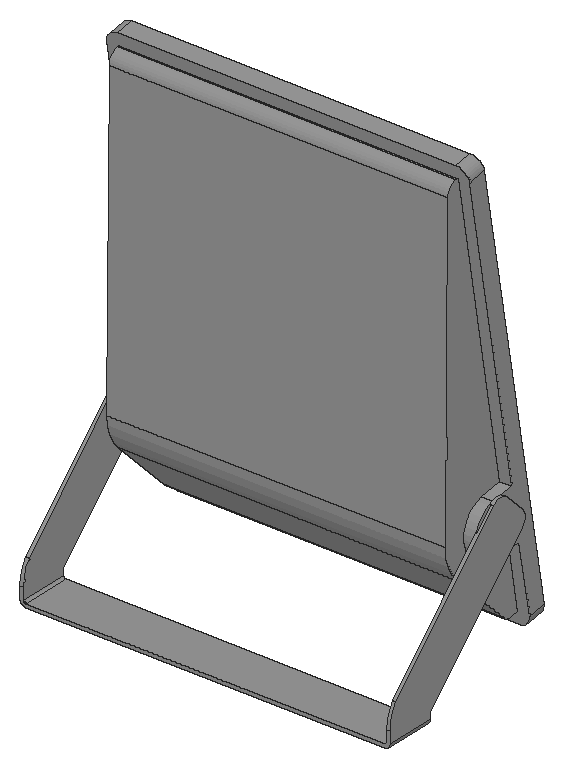
Revit family "SFIP66_150W", category Lighting Fixtures, host Face, Revit 2017
Family settings
  Host = Face
  Round Connector Dimension = Use Diameter
  Part Type = Normal
  OmniClass Number = 23.80.70.00
  OmniClass Title = Lighting
  Cut with Voids When Loaded = No
  Light Source = No
  Shared = No
  Room Calculation Point = No
Parameters (values of type "0048539 START FLOOD IP66 20KLM 840 ASYM")
  WingRadius_SYL = 10 mm
  WingLength_SYL = if([50W_SYL], 100 mm, if([100W_SYL], 142 mm, if([150W_SYL], 142 mm, if([200W_SYL], 150 mm, 170 mm))))  # 142 mm
  WidthBracket_SYL = 40 mm
  Weight = "4.6 kg"
  Wattage Comments = ""
  WarrantyStartDate [instance] = "n/a"
  WarrantyGuarantorParts = "n/a"
  WarrantyDurationUnit = "n/a"
  WarrantyDurationParts = "n/a"
  WarrantyDescription = "n/a"
  Voltage = 0 V
  URL = "http://www.sylvania-lighting.com"
  TypeName = "Start Flood IP66 20KLM 840 ASYM"
  TypeHead_SYL = START Flood IP66 150W luminaire : 0048539
  Type Image = <None>
  Type Comments = "n/a"
  ThicknessBracket_SYL = 3 mm
  SerialNumber [instance] = "n/a"
  RotationAngle_SYL [instance] = -100.00°
  RadiusOutBracket_SYL = 5 mm
  RadiusInBracket_SYL = 2 mm
  Material_3_SYL = none
  PowerFactor = 0.99
  PowerConsumption = "150 W"
  NominalLength = 451 mm
  NominalHeight = 77 mm
  NominalDepth = 330 mm
  Name = "Start Flood IP66 20KLM 840 ASYM"
  ModelReference = Name  # "Start Flood IP66 20KLM 840 ASYM"
  ModelNumber = "0048539"
  Model = Name  # "Start Flood IP66 20KLM 840 ASYM"
  Material = "n/a"
  ManufacturerName = "Feilo Sylvania"
  Manufacturer = "Feilo Sylvania"
  LuminousEfficacy = "134 lm/W"
  LuminaireType = ""
  LightOutputRatio = "n/a"
  LengthIn_SYL = if([50W_SYL], 210 mm, if([100W_SYL], 300 mm, if([150W_SYL], 295 mm, if([200W_SYL], 360 mm, 430 mm))))  # 295 mm
  LampsType = Lamp  # "LED"
  LampNominalLuminous = "20100 lm"
  LampMacAdamStep = "4"
  LampColourTemperature = "4000 K"
  LampColourRenderingIndex = "70"
  Lamp = "LED"
  Keynote = "16500"
  InstallationDate [instance] = "n/a"
  InputVoltage = "n/a"
  InputNominalFrequency = "n/a"
  IngressProtection = "IP66"
  ImpactProtectionIndex = "IK08"
  IfcExportType = "IfcLightFixtureType"
  IfcExportAs = "IfcLightFixtureType"
  EndAngle_SYL [instance] = RotationAngle_SYL + 180.00°  # 80.00°
  ElectricShockClassification = "Class I"
  DocumentationLiterature = "http://www.sylvania-lighting.com/product/en-int/products/0048539"
  DimmingControlOptions = "n/a"
  Material_2_SYL = none
  Description = "Exterior LED Floodlight, comes complete with 1500mm flying lead and adjustable bracket, aluminium housing, clear glass diffuser, IP66, IK08, Class I, 4000K, Non-dimming, 20100lm, 150W, 134lm/W, CRI80, Asymmetrical Wide beam angle (65° x 120° imax@55°), 60000 hrs L70B50 lifetime, 451 x 330 x 77mm (LxWxD) dimensions, 4.6kg weight."
  Default Elevation = 1219.2 mm
  CreatedOn = "9/23/2020"
  CreatedBy = "@sylvania-lighting.com"
  Cost = 0
  built-in parameter 1114216 [instance] = (empty or 0)
  ClassificationValue = "EF_70_80"
  ClassificationName = "Uniclass2015"
  Material_1_SYL = Steel, Paint Finish, Dark Gray, Matte
  BarCode [instance] = "n/a"
  AxisOffsetWingEnd_SYL = WidthBracket_SYL / 2  # 20 mm
  AxisHeight_SYL = sin(45.00°) * WingLength_SYL  # 100.409 mm
  AxisDepth_SYL = cos(45.00°) * (WingLength_SYL - tan(45.00°) * AxisOffsetWingEnd_SYL - AxisOffsetWingEnd_SYL)  # 72.125 mm
  AssetType = "Fixed"
  AssetIdentifier [instance] = "n/a"
  Assembly Code = "D5020200"
  Apparent Load = 150 VA
  Material_4_SYL = none
  50W_SYL = no
  200W_SYL = no
  150W_SYL = yes
  100W_SYL = no
Reference planes
  plane 1 "Center (Front/Back)": y = 0
  plane 2: z = 0
  plane 3 "Center (Left/Right)": x = 0
  plane 4: x = 150.5
  plane 5: x = -150.5
  plane 6: x = 147.5
  plane 7: x = -147.5
  plane 8: z = 10
  plane 9: y = 20
  plane 10: y = -20
  plane 11: z = 3
  plane 12: z = 110.409
  plane 13: y = 92.125
Forms (mm)
  Extrusion 1, solid, material "Steel, Paint Finish, Dark Gray, Matte" <- "Material_1_SYL"
    sketch origin (0, 0, 0) x (1, 0, 0) y (0, 0, 1)
      loop
        arc (145.5, 0) -> (149.036, 1.464) -> (150.5, 5) r 5
        line (150.5, 5) -> (150.5, 10) -> (147.5, 10) -> (147.5, 5)
        arc (147.5, 5) -> (146.914, 3.586) -> (145.5, 3) r 2
        line (145.5, 3) -> (-145.5, 3)
        arc (-145.5, 3) -> (-146.914, 3.586) -> (-147.5, 5) r 2
        line (-147.5, 5) -> (-147.5, 10) -> (-150.5, 10) -> (-150.5, 5)
        arc (-150.5, 5) -> (-149.036, 1.464) -> (-145.5, 0) r 5
        line (-145.5, 0) -> (145.5, 0)
    from -20 to 20
  Extrusion 2, solid, material "Steel, Paint Finish, Dark Gray, Matte" <- "Material_1_SYL"
    sketch origin (147.5, -4572, 2609.058) x (0, 0, 1) y (0, -1, 0)
      loop
        line (-2599.058, -4592) -> (-2505.72, -4685.338)
        arc (-2505.72, -4685.338) -> (-2498.649, -4688.267) -> (-2491.578, -4685.338) r 10
        line (-2491.578, -4685.338) -> (-2477.436, -4671.196)
        arc (-2477.436, -4671.196) -> (-2474.507, -4664.125) -> (-2477.436, -4657.054) r 10
        line (-2477.436, -4657.054) -> (-2576.632, -4557.858)
        arc (-2576.632, -4557.858) -> (-2585.316, -4553.5) -> (-2594.916, -4552) r 31.464
        line (-2594.916, -4552) -> (-2599.058, -4552) -> (-2599.058, -4592)
    from 0 to 3
  Extrusion 3, solid, material "Steel, Paint Finish, Dark Gray, Matte" <- "Material_1_SYL"
    sketch origin (-150.5, -4572, 2609.058) x (0, 0, 1) y (0, -1, 0)
      loop
        arc (-2505.72, -4685.338) -> (-2498.649, -4688.267) -> (-2491.578, -4685.338) r 10
        line (-2491.578, -4685.338) -> (-2477.436, -4671.196)
        arc (-2477.436, -4671.196) -> (-2474.507, -4664.125) -> (-2477.436, -4657.054) r 10
        line (-2477.436, -4657.054) -> (-2576.632, -4557.858)
        arc (-2576.632, -4557.858) -> (-2585.316, -4553.5) -> (-2594.916, -4552) r 31.464
        line (-2594.916, -4552) -> (-2604.058, -4552) -> (-2604.058, -4592) -> (-2599.058, -4592) -> (-2505.72, -4685.338)
    from 0 to 3
  Revolve 4, solid, not visible
    sketch origin (1223.4, -4572, 110.409) x (0, -1, 0) y (1, 0, 0)
      loop
        line (-4664.125, -1223.4) -> (-4679.125, -1223.4) -> (-4679.125, -1273.4) -> (-4664.125, -1273.4) -> (-4664.125, -1223.4)
      axis (-4664.125, -1223.4) -> (-4664.125, -1273.4)
    angle from -100 <- "RotationAngle_SYL" to 80 <- "EndAngle_SYL"
Cuts and joins
  joined: Extrusion 1, Extrusion 2, Extrusion 3
Lines and regions (mm)
  reference lines
    curve 1: line (0, 20, 10) -> (0, 172.028, 162.028)
    curve 2: line (0, 133.744, 180.312) -> (0, -20, 26.569)
    curve 3: line (0, 92.125, 138.693) -> (0, 120.409, 110.409)
    curve 4: line (-150.5, 4.393, 22.678) -> (-150.5, 170.135, 188.419)
    curve 5: line (0, 77.983, 124.551) -> (0, 106.267, 96.267)
Dimensions and locks
  locked: plane 8 to plane 2 at 10
  equal spacing: plane 10, plane 1 "Center (Front/Back)", plane 9
  "WidthBracket_SYL": plane 10 to plane 9
  "WidthBracket_SYL": curve 1 to curve 2
  "ThicknessBracket_SYL": plane 11 to plane 2
  "WingLength_SYL": curve 1 to curve 3
  level to Extrusion 1 = 10 mm
  equal spacing: plane 6, plane 3 "Center (Left/Right)", plane 7
  "LengthIn_SYL": plane 6 to plane 7
  equal spacing: plane 4, plane 3 "Center (Left/Right)", plane 5
  "ThicknessBracket_SYL": plane 7 to plane 5
  equal spacing: curve 1, curve 4, curve 2
  "AxisOffsetWingEnd_SYL": curve 3 to curve 5
  "AxisHeight_SYL": plane 12 to plane 8
  "AxisDepth_SYL": plane 9 to plane 13
  "RadiusInBracket_SYL": radius of Extrusion 1 sketch curve  (x2)
  "RadiusOutBracket_SYL": radius of Extrusion 1 sketch curve  (x2)
  "WingRadius_SYL": radius of Extrusion 2 sketch curve  (x2)
  locked: plane 8 to curve 1 (angle 45.00°)
  locked: plane 8 to curve 2 (angle 45.00°)
  aligned and locked: plane 2 to host face
  aligned and locked: level to host face
  aligned and locked: plane 9 to curve 1
  aligned and locked: plane 8 to curve 1
  aligned and locked: plane 10 to curve 2
  aligned and locked: plane 5 to Extrusion 1 sketch curve
  aligned and locked: plane 8 to Extrusion 1 sketch curve  (x2)
  aligned and locked: Extrusion 1 sketch curve to plane 7
  aligned and locked: plane 11 to Extrusion 1 sketch curve
  aligned and locked: plane 6 to Extrusion 1 sketch curve
  aligned and locked: Extrusion 1 sketch curve to plane 4
  aligned and locked: Extrusion 1 to plane 9
  aligned and locked: plane 10 to Extrusion 1
  aligned and locked: Extrusion 2 sketch curve to curve 1
  aligned and locked: curve 2 to Extrusion 2 sketch curve
  aligned and locked: plane 10 to Extrusion 2 sketch curve
  aligned and locked: Extrusion 2 sketch curve to Extrusion 1
  aligned and locked: plane 4 to Extrusion 2
  aligned and locked: Extrusion 2 to plane 6
  aligned and locked: plane 7 to Extrusion 3
  aligned and locked: Extrusion 3 to plane 5
  aligned and locked: cut or joined group of Extrusion 1, Extrusion 2, Extrusion 3 to curve 5  (x2)
  aligned and locked: Revolve 4 sketch curve to plane 13  (x2)
  aligned and locked: Revolve 4 sketch curve to curve 3
  aligned and locked: curve 2 to plane 3 "Center (Left/Right)"
  aligned and locked: Extrusion 3 sketch curve to cut or joined group of Extrusion 1, Extrusion 2, Extrusion 3  (x5)
  aligned and locked: cut or joined group of Extrusion 1, Extrusion 2, Extrusion 3 to Extrusion 3 sketch curve
  aligned and locked: nested 1 to plane 3 "Center (Left/Right)"
Automatic sketch dimensions
  host sketch curve to host sketch curve = 2438.4 mm  (x2)
  curve 4 to plane 1 "Center (Front/Back)" = 4.393 mm
  curve 4 to plane 9 = 150.135 mm
  Revolve 4 sketch curve to Revolve 4 sketch curve = 15 mm
  Revolve 4 sketch curve to plane 3 "Center (Left/Right)" = 50 mm
  Revolve 4 sketch curve to plane 5 = 1316.635 mm
  plane 4 to Revolve 4 sketch curve = 1441.773 mm
  Extrusion 3 sketch curve to plane 10 = 5.858 mm
  plane 12 to Extrusion 3 sketch curve = 7.071 mm
  Extrusion 3 sketch curve to plane 12 = 7.071 mm
  Extrusion 3 sketch curve to Extrusion 3 sketch curve = 7.071 mm
  plane 13 to Extrusion 3 sketch curve = 7.071 mm
  Extrusion 1 sketch curve to Extrusion 1 sketch curve = 0 mm  (x2)
  plane 12 to Extrusion 2 sketch curve = 0 mm
  Extrusion 2 sketch curve to plane 13 = 0 mm
  Extrusion 2 sketch curve to Extrusion 2 sketch curve = 4.142 mm
  Extrusion 2 sketch curve to plane 10 = 5.858 mm
  plane 12 to Extrusion 2 sketch curve = 7.071 mm
  Extrusion 2 sketch curve to plane 12 = 7.071 mm
  plane 13 to Extrusion 2 sketch curve = 7.071 mm
  Extrusion 2 sketch curve to plane 13 = 7.071 mm
Nested families
  nested 1: "START Flood IP66 150W luminaire" at (0, 92.125, 110.409) x (-1, 0, 0) z (0, 0.9848, 0.1736), type <- "TypeHead_SYL", type "0048539"
    with built-in parameter 1114216 (empty or 0), Apparent Load 150 VA
Connectors
  electrical at (4.2, 0, 0), driven by "Voltage", driven by "Apparent Load", driven by "PowerFactor"
    settings: on host face, index 1, voltage 0 V, apparent load 150 VA, apparent load phase1 0 VA, apparent load phase2 0 VA, apparent load phase3 0 VA, power factor 0.99, load classification "Other", number of poles 1, system type 30, power factor state 1, is connector primary yes, connector utility no, sub classification motor no, connector description ""
Definition of nested family "START Flood IP66 150W luminaire"
  Parameters (values of type "0048211 Start Flood IP66 21000lm 740 ASYM")
    WidthHead_SYL = if([50W_SYL], 210 mm, if([100W_SYL], 300 mm, if([150W_SYL], 295 mm, if([200W_SYL], 360 mm, 430 mm))))  # 295 mm
    Wattage Comments = "n/a"
    Wattage = 149 W
    built-in parameter 1150110 = 1 (stored number, unit not read)
    URL = "http://www.sylvania-lighting.com"
    Type Image = (empty or 0)
    Type Comments = "n/a"
    built-in parameter 1114217 = 1 (stored number, unit not read)
    Tilt Angle = -90.00°
    built-in parameter 1150109 = 1 (stored number, unit not read)
    built-in parameter 1150134 = 12
    built-in parameter 1150113 = 1 (stored number, unit not read)
    ScreenThickness_SYL = 14.5 mm  # constant formula
    ReflectorOffset_SYL = 12 mm  # constant formula
    ReflectorOffsetIn_SYL = RadiusReflectorFront_SYL  # 30 mm
    ReflectorHeight_SYL = if([50W_SYL], 145 mm, if([100W_SYL], 165 mm, if([150W_SYL], 210 mm, if([200W_SYL], 240 mm, 290 mm))))  # 210 mm
    RadiusReflectorIn_SYL = 5 mm  # constant formula
    RadiusReflectorFront_SYL = if([50W_SYL], 30 mm, if([100W_SYL], 30 mm, if([150W_SYL], 30 mm, if([200W_SYL], 30 mm, 35 mm))))  # 30 mm
    RadiusHinge_SYL = RadiusBack_SYL / 1.8  # 22.222 mm
    RadiusBack_SYL = if([50W_SYL], 31.3 mm, if([100W_SYL], 40 mm, if([150W_SYL], 40 mm, if([200W_SYL], 50 mm, 55 mm))))  # 40 mm
    Photometric Web File = "0048211.ies"
    OffsetBack_SYL = 10 mm  # constant formula
    Material_5_SYL = none
    Material_3_SYL = none
    Model = "Start Flood IP66 21000lm 740 ASYM"
    Manufacturer = "Feilo Sylvania"
    built-in parameter 1150105 = 11135.6 (stored number, unit not read)
    Lumens = 20562 lm
    built-in parameter 1150115 = 1 (stored number, unit not read)
    built-in parameter 1150137 = (empty or 0)
    built-in parameter 1150139 = (empty or 0)
    built-in parameter 1150112 = 1 (stored number, unit not read)
    built-in parameter 1150114 = 1 (stored number, unit not read)
    Lamp = "LED"
    Keynote = "16500"
    Material_2_SYL = none
    built-in parameter 1150132 = (empty or 0)
    built-in parameter 1150102 = (empty or 0)
    built-in parameter 1150107 = 4000 (stored number, unit not read)
    built-in parameter 1150138 = (empty or 0)
    built-in parameter 1150106 = 111.36 (stored number, unit not read)
    HeightHead_SYL = if([50W_SYL], 250 mm, if([100W_SYL], 320 mm, if([150W_SYL], 367 mm, if([200W_SYL], 400 mm, 470 mm))))  # 367 mm
    Emit from Rectangle Width = WidthHead_SYL - 4 mm - ReflectorOffset_SYL * 2 - ReflectorOffsetIn_SYL * 2  # 207 mm
    Emit from Rectangle Length = ReflectorHeight_SYL - ReflectorOffsetIn_SYL * 2  # 150 mm
    Emit Shape Visible in Rendering = no
    built-in parameter 1150104 = 12.821 (stored number, unit not read)
    Dimming Lamp Color Temperature Shift = (empty or 0)
    Description = ""
    Default Elevation = 1219.2 mm
    Cost = 0
    Color Filter = 16777215
    built-in parameter 1114216 [instance] = (empty or 0)
    Material_1_SYL = none
    Chamfer_SYL = if([50W_SYL], 15 mm, if([100W_SYL], 15 mm, if([150W_SYL], 15 mm, if([200W_SYL], 15 mm, 20 mm))))  # 15 mm
    built-in parameter 1114218 = 1 (stored number, unit not read)
    AxisOffsetBottom_SYL = if([50W_SYL], 68 mm, if([100W_SYL], 80 mm, if([150W_SYL], 92.2 mm, if([200W_SYL], 99.7 mm, 117 mm))))  # 92.2 mm
    AxisOffsetFront_SYL = if([50W_SYL], 28.4 mm, if([100W_SYL], 33.2 mm, if([150W_SYL], 33.2 mm, if([200W_SYL], 32.9 mm, 38.3 mm))))  # 33.2 mm
    built-in parameter 1150133 = 10 (stored number, unit not read)
    Assembly Code = "D5020200"
    Apparent Load = 149 VA
    Material_4_SYL = none
    50W_SYL = no
    200W_SYL = no
    150W_SYL = yes
    100W_SYL = no
  Types (2, lengths in mm): name | Photometric Web File | Model | built-in parameter 1150105 | Lumens | built-in parameter 1150106 | built-in parameter 1150104
    0048211 Start Flood IP66 21000lm 740 ASYM | "0048211.ies" | "Start Flood IP66 21000lm 740 ASYM" | 11135.6 (stored number, unit not read) | 20562 lm | 111.36 (stored number, unit not read) | 12.821 (stored number, unit not read)
    0048210 Start Flood IP66 21000lm 740 WB | "0048210.ies" | "Start Flood IP66 21000lm 740 WB" | 24061.3 (stored number, unit not read) | 21605 lm | 240.61 (stored number, unit not read) | 13.471 (stored number, unit not read)
  Reference planes
    plane 1 "Center (Front/Back)": y = 0
    plane 2: z = 0
    plane 3 "Center (Left/Right)": x = 0
    plane 4: x = 147.5
    plane 5: x = -147.5
    plane 6: y = -92.2
    plane 7: y = 274.8
    plane 8: z = 33.2
    plane 9: z = 18.7
    plane 10: y = 264.8
    plane 11: y = -82.2
    plane 12: x = -137.5
    plane 13: x = 137.5
    plane 14: x = -145.5
    plane 15: y = 272.8
    plane 16: x = 145.5
    plane 17: y = -90.2
    plane 18: y = 257.8
    plane 19: x = 130.5
    plane 20: x = -130.5
    plane 21: y = -75.2
    plane 22: z = 31.2
    plane 23: z = 8.7
    plane 24: x = -133.5
    plane 25: y = 260.8
    plane 26: x = 133.5
    plane 27: y = 50.8
    plane 28: x = -103.5
    plane 29: y = 80.8
    plane 30: x = 103.5
    plane 31: y = 230.8
    plane 32: y = 155.8
  Forms (mm)
    Extrusion 1, solid
      sketch origin (4.2, 0, 0) x (1, 0, 0) y (0, 1, 0)
        loop
          line (-1219.2, 1219.2) -> (-1219.2, -1219.2) -> (1219.2, -1219.2) -> (1219.2, 1219.2) -> (-1219.2, 1219.2)
      from 0 to -68.017
    Extrusion 2, solid, material <- "Material_1_SYL"
      sketch origin (0, 1219.2, 33.2) x (1, 0, 0) y (0, -1, 0)
        loop
          line (-137.5, 944.4) -> (137.5, 944.4)
          arc (137.5, 944.4) -> (144.571, 947.329) -> (147.5, 954.4) r 10
          line (147.5, 954.4) -> (147.5, 1301.4)
          arc (147.5, 1301.4) -> (144.571, 1308.471) -> (137.5, 1311.4) r 10
          line (137.5, 1311.4) -> (-137.5, 1311.4)
          arc (-137.5, 1311.4) -> (-144.571, 1308.471) -> (-147.5, 1301.4) r 10
          line (-147.5, 1301.4) -> (-147.5, 954.4)
          arc (-147.5, 954.4) -> (-144.571, 947.329) -> (-137.5, 944.4) r 10
      from 0 to 14.5
    Extrusion 3, void
      sketch origin (0, 1219.2, 33.2) x (1, 0, 0) y (0, -1, 0)
        loop
          line (-130.5, 946.4) -> (130.5, 946.4) -> (145.5, 961.4) -> (145.5, 1294.4) -> (130.5, 1309.4) -> (-130.5, 1309.4) -> (-145.5, 1294.4) -> (-145.5, 961.4) -> (-130.5, 946.4)
      from 0 to 2
    Blend 4, void
      base sketch origin (0, 1219.2, 31.2) x (0, -1, 0) y (1, 0, 0)
        loop
          arc (958.4, -103.5) -> (967.187, -124.713) -> (988.4, -133.5) r 30
          line (988.4, -133.5) -> (1138.4, -133.5)
          arc (1138.4, -133.5) -> (1159.613, -124.713) -> (1168.4, -103.5) r 30
          line (1168.4, -103.5) -> (1168.4, 103.5)
          arc (1168.4, 103.5) -> (1159.613, 124.713) -> (1138.4, 133.5) r 30
          line (1138.4, 133.5) -> (988.4, 133.5)
          arc (988.4, 133.5) -> (967.187, 124.713) -> (958.4, 103.5) r 30
          line (958.4, 103.5) -> (958.4, -103.5)
      top sketch origin (0, 1219.2, 31.2) x (0, -1, 0) y (1, 0, 0)
        loop
          arc (988.4, -100.5) -> (990.244, -102.683) -> (992.983, -103.5) r 5
          line (992.983, -103.5) -> (1133.4, -103.5)
          arc (1133.4, -103.5) -> (1136.936, -102.036) -> (1138.4, -98.5) r 5
          line (1138.4, -98.5) -> (1138.4, 98.5)
          arc (1138.4, 98.5) -> (1136.936, 102.036) -> (1133.4, 103.5) r 5
          line (1133.4, 103.5) -> (993.4, 103.5)
          arc (993.4, 103.5) -> (989.864, 102.036) -> (988.4, 98.5) r 5
          line (988.4, 98.5) -> (988.4, -100.5)
      from 0 to -22.5
    Extrusion 5, solid, material <- "Material_1_SYL"
      sketch origin (0, 0, 0) x (0, 1, 0) y (0, 0, 1)
        loop
          line (-82.2, 18.7) -> (-82.2, 13.506)
          arc (-82.2, 13.506) -> (-81.058, 8.865) -> (-77.893, 5.284) r 10
          line (-77.893, 5.284) -> (-22.772, -32.885)
          arc (-22.772, -32.885) -> (-8.374, -39.114) -> (7.312, -39.326) r 40
          line (7.312, -39.326) -> (256.806, 7.063)
          arc (256.806, 7.063) -> (262.548, 10.538) -> (264.8, 16.86) r 10
          line (264.8, 16.86) -> (264.8, 18.7) -> (-82.2, 18.7)
      from -137.5 to 137.5
    Extrusion 6, solid, material <- "Material_4_SYL"
      sketch origin (0, 1219.2, 31.2) x (1, 0, 0) y (0, -1, 0)
        loop
          line (130.5, 946.4) -> (145.5, 961.4) -> (145.5, 1294.4) -> (130.5, 1309.4) -> (-130.5, 1309.4) -> (-145.5, 1294.4) -> (-145.5, 961.4) -> (-130.5, 946.4) -> (130.5, 946.4)
      from -2 to 0
    Extrusion 7, solid, material <- "Material_1_SYL"
      sketch origin (0, 0, 0) x (0, 1, 0) y (0, 0, 1)
        loop
          arc (-22.222, 0) -> (0, -22.222) -> (22.222, 0) r 22.222
          line (22.222, 0) -> (22.222, 18.7) -> (-22.222, 18.7) -> (-22.222, 0)
      from -147.5 to 147.5
  Cuts and joins
    Extrusion 3, Blend 4 cuts Extrusion 2
    joined: Extrusion 2, Extrusion 5, Extrusion 7
  Lines and regions (mm)
    Split face 1
      outline origin (0, 1219.2, 33.2) x (1, 0, 0) y (0, 1, 0)
        loop
          arc (103.5, -1168.4) -> (124.713, -1159.613) -> (133.5, -1138.4) r 30
          line (133.5, -1138.4) -> (133.5, -988.4)
          arc (133.5, -988.4) -> (124.713, -967.187) -> (103.5, -958.4) r 30
          line (103.5, -958.4) -> (-103.5, -958.4)
          arc (-103.5, -958.4) -> (-124.713, -967.187) -> (-133.5, -988.4) r 30
          line (-133.5, -988.4) -> (-133.5, -1138.4)
          arc (-133.5, -1138.4) -> (-124.713, -1159.613) -> (-103.5, -1168.4) r 30
          line (-103.5, -1168.4) -> (103.5, -1168.4)
    reference lines
      curve 1: circle (0, 0, 0) r 40 normal (1, 0, 0)
      curve 2: line (-103.5, 260.8, 33.2) -> (103.5, 260.8, 33.2)
      curve 3: line (-133.5, 80.8, 33.2) -> (-133.5, 230.8, 33.2)
      curve 4: line (103.5, 50.8, 33.2) -> (-103.5, 50.8, 33.2)
      curve 5: line (133.5, 230.8, 33.2) -> (133.5, 80.8, 33.2)
      curve 6: arc (-103.5, 260.8, 33.2) -> (-124.713, 252.013, 33.2) -> (-133.5, 230.8, 33.2) r 30
      curve 7: arc (103.5, 260.8, 33.2) -> (124.713, 252.013, 33.2) -> (133.5, 230.8, 33.2) r 30
      curve 8: arc (-133.5, 80.8, 33.2) -> (-124.713, 59.587, 33.2) -> (-103.5, 50.8, 33.2) r 30
      curve 9: arc (103.5, 50.8, 33.2) -> (124.713, 59.587, 33.2) -> (133.5, 80.8, 33.2) r 30
      curve 10: line (-100.5, 230.8, 33.2) -> (98.5, 230.8, 33.2)
      curve 11: line (-103.5, 85.8, 33.2) -> (-103.5, 226.217, 33.2)
      curve 12: line (98.5, 80.8, 33.2) -> (-98.5, 80.8, 33.2)
      curve 13: line (103.5, 225.8, 33.2) -> (103.5, 85.8, 33.2)
      curve 14: arc (-100.5, 230.8, 33.2) -> (-102.683, 228.956, 33.2) -> (-103.5, 226.217, 33.2) r 5
      curve 15: arc (-98.5, 80.8, 33.2) -> (-102.036, 82.264, 33.2) -> (-103.5, 85.8, 33.2) r 5
      curve 16: arc (103.5, 85.8, 33.2) -> (102.036, 82.264, 33.2) -> (98.5, 80.8, 33.2) r 5
      curve 17: arc (98.5, 230.8, 33.2) -> (102.036, 229.336, 33.2) -> (103.5, 225.8, 33.2) r 5
      curve 18: circle (0, 0, 0) r 22.222 normal (1, 0, 0)
  Dimensions and locks
    equal spacing: plane 4, plane 3 "Center (Left/Right)", plane 5
    "WidthHead_SYL": plane 4 to plane 5
    "AxisOffsetBottom_SYL": plane 6 to plane 1 "Center (Front/Back)"
    "HeightHead_SYL": plane 6 to plane 7
    "AxisOffsetFront_SYL": plane 8 to plane 2
    "ScreenThickness_SYL": plane 9 to plane 8
    equal spacing: plane 12, plane 3 "Center (Left/Right)", plane 13
    "OffsetBack_SYL": plane 5 to plane 12
    "OffsetBack_SYL": plane 10 to plane 7
    "OffsetBack_SYL": plane 6 to plane 11
    locked: plane 6 to plane 17 at 2
    locked: plane 16 to plane 4 at 2
    locked: plane 5 to plane 14 at 2
    locked: plane 15 to plane 7 at 2
    "Chamfer_SYL": plane 19 to plane 16
    "Chamfer_SYL": plane 14 to plane 20
    "Chamfer_SYL": plane 18 to plane 15
    locked: plane 22 to plane 8 at 2
    "Chamfer_SYL": plane 17 to plane 21
    locked: plane 23 to plane 9 at 10
    equal spacing: plane 24, plane 3 "Center (Left/Right)", plane 26
    "ReflectorOffset_SYL": plane 25 to plane 15
    "ReflectorHeight_SYL": plane 27 to plane 25
    "ReflectorOffset_SYL": plane 14 to plane 24
    "ReflectorOffsetIn_SYL": plane 31 to plane 25
    "ReflectorOffsetIn_SYL": plane 24 to plane 28
    "ReflectorOffsetIn_SYL": plane 27 to plane 29
    "ReflectorOffsetIn_SYL": plane 30 to plane 26
    level to Extrusion 7 = 18.7 mm
    equal spacing: plane 29, plane 32, plane 31
    "RadiusBack_SYL": radius of curve 1
    "OffsetBack_SYL": radius of Extrusion 2 sketch curve  (x4)
    "RadiusReflectorFront_SYL": radius of curve 6
    "RadiusReflectorFront_SYL": radius of curve 8
    "RadiusReflectorFront_SYL": radius of curve 9
    "RadiusReflectorFront_SYL": radius of curve 7
    "RadiusReflectorIn_SYL": radius of curve 14
    "RadiusReflectorIn_SYL": radius of curve 15
    "RadiusReflectorIn_SYL": radius of curve 16
    "RadiusReflectorIn_SYL": radius of curve 17
    radius of Extrusion 5 sketch curve = 10 mm  (x2)
    "RadiusHinge_SYL": radius of curve 18
    aligned and locked: plane 2 to Extrusion 1
    aligned and locked: level to Extrusion 1
    aligned and locked: Extrusion 2 sketch curve to plane 7
    aligned and locked: plane 12 to Extrusion 2 sketch curve  (x2)
    aligned and locked: plane 13 to Extrusion 2 sketch curve  (x2)
    aligned and locked: plane 10 to Extrusion 2 sketch curve
    aligned and locked: plane 11 to Extrusion 2 sketch curve  (x2)
    aligned and locked: plane 9 to Extrusion 2
    aligned and locked: Extrusion 2 to plane 8
    aligned and locked: plane 20 to Extrusion 3 sketch curve
    aligned and locked: plane 18 to Extrusion 3 sketch curve
    aligned and locked: plane 14 to Extrusion 3 sketch curve
    aligned and locked: plane 17 to Extrusion 3 sketch curve
    aligned and locked: Extrusion 3 sketch curve to plane 16
    aligned and locked: plane 19 to Extrusion 3 sketch curve
    aligned and locked: plane 15 to Extrusion 3 sketch curve
    aligned and locked: plane 22 to Extrusion 3
    aligned and locked: Extrusion 3 to plane 8
    aligned and locked: curve 2 to plane 25
    aligned and locked: curve 3 to plane 24
    aligned and locked: plane 27 to curve 4
    aligned and locked: plane 26 to curve 5
    aligned and locked: curve 10 to plane 31
    aligned and locked: curve 11 to plane 28
    aligned and locked: plane 29 to curve 12
    aligned and locked: plane 30 to curve 13
    aligned and locked: Blend 4 sketch curve to curve 6
    aligned and locked: Blend 4 sketch curve to curve 8
    aligned and locked: Blend 4 sketch curve to curve 9
    aligned and locked: Blend 4 sketch curve to curve 7
    aligned and locked: Blend 4 sketch curve to curve 10
    aligned and locked: Blend 4 sketch curve to curve 17
    aligned and locked: Blend 4 sketch curve to curve 16
    aligned and locked: Blend 4 sketch curve to curve 15
    aligned and locked: Blend 4 sketch curve to curve 14
    aligned and locked: Blend 4 to plane 22
    aligned and locked: Extrusion 5 sketch curve to curve 1
    aligned and locked: Extrusion 5 to plane 12
    aligned and locked: plane 13 to Extrusion 5
    aligned and locked: plane 23 to Blend 4
    aligned and locked: Extrusion 6 sketch curve to cut or joined group of Extrusion 2, Extrusion 3, Blend 4, Extrusion 5, Extrusion 7  (x8)
    aligned and locked: plane 22 to Extrusion 6
    aligned and locked: Extrusion 6 to plane 8
    aligned and locked: Split face 1 sketch curve to cut or joined group of Extrusion 2, Extrusion 3, Blend 4, Extrusion 5, Extrusion 7  (x4)
    aligned and locked: Extrusion 7 sketch curve to curve 18
    aligned and locked: plane 9 to Extrusion 7 sketch curve  (x2)
    aligned and locked: plane 4 to Extrusion 7
    aligned and locked: Extrusion 7 to plane 5
    aligned and locked: plane 3 "Center (Left/Right)" to imposter light
    aligned and locked: plane 32 to imposter light
    aligned and locked: imposter light to plane 8
  Automatic sketch dimensions
    Extrusion 1 sketch curve to Extrusion 1 sketch curve = 2438.4 mm  (x2)
    Extrusion 3 sketch curve to plane 20 = 0 mm
    Extrusion 3 sketch curve to plane 19 = 0 mm
    plane 21 to Extrusion 3 sketch curve = 0 mm  (x2)
    plane 18 to Extrusion 3 sketch curve = 0 mm
    plane 28 to curve 10 = 3 mm
    curve 1 to curve 18 = 0 mm  (x2)
    curve 18 to level = 0 mm
    curve 18 to plane 1 "Center (Front/Back)" = 0 mm
    Extrusion 7 sketch curve to level = 0 mm
    Extrusion 5 sketch curve to plane 11 = 0 mm
    Extrusion 5 sketch curve to plane 10 = 0 mm
    plane 9 to Extrusion 5 sketch curve = 0 mm
    plane 21 to Extrusion 5 sketch curve = 2.693 mm
    plane 1 "Center (Front/Back)" to Extrusion 5 sketch curve = 22.772 mm
    Extrusion 5 sketch curve to plane 1 "Center (Front/Back)" = 7.312 mm
    plane 18 to Extrusion 5 sketch curve = 0.994 mm
    plane 23 to Extrusion 5 sketch curve = 3.416 mm
    plane 23 to Extrusion 5 sketch curve = 1.637 mm
